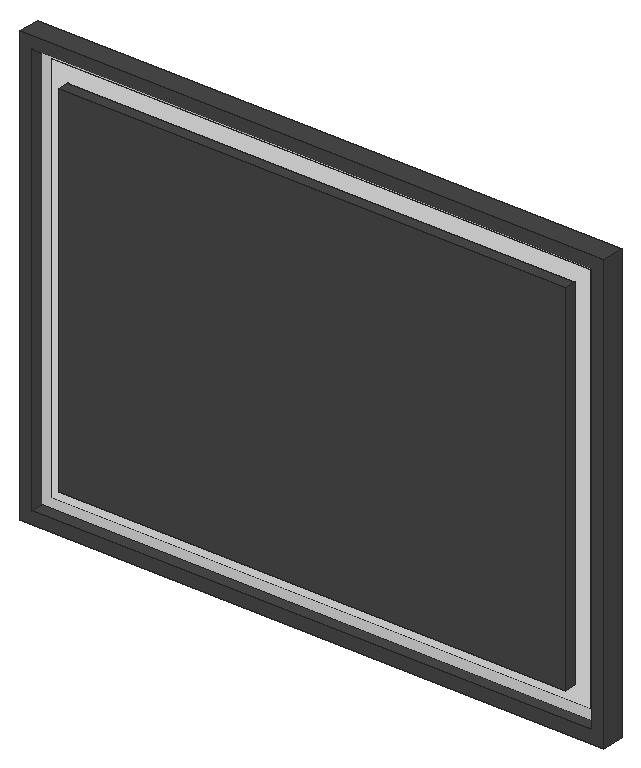
Revit family "3-080X-xx Dusk Mirror", category Luminarias, Revit 2021
Family settings
  Anfitrión = Muro
  Cota de conector redondo = Diámetro de uso
  Tipo de pieza = Normal
  Número OmniClass = 23.80.70.00
  Título OmniClass = Lighting
  Siempre vertical = Sí
  Corte con vacíos al cargar = No
  Origen de luz = No
  Compartido = No
  Punto de cálculo de habitación = No
Parameters (values of type "3-0804-15 / Black")
  Width = 1219 mm
  Height = 914 mm
  Diffuser = Ghost Mirror
  Elevación por defecto = 0 mm
  Comentarios de vataje = "1 x 87.7 W at 120 V"
  Voltage Input = "120 V or 277 V - 50/60 Hz"  # constant formula
  Voltage = 120 V
  URL = "www.oxygenlighting.com"
  References = "Ref. 3 = 120 V / Ref. 37 = 277 V"  # constant formula
  Modelo = "3-080X-xx / Dusk"  # constant formula
  Metal Finish 1 = 15 - Black
  Fabricante = "Vanita by Oxygen"  # constant formula
  Lámpara = "LED Array"  # constant formula
Types (4, lengths in mm): name | Width | Height | Comentarios de vataje
  3-0801-15 / Black | 610 | 457 | "1 x 32.8 W at 120 V"
  3-0803-15 / Black | 914 | 914 | "1 x 66.9 W at 120 V"
  3-0804-15 / Black | 1219 | 914 | "1 x 87.7 W at 120 V"
  3-0802-15 / Black | 610 | 914 | "1 x 60.9 W at 120 V"
Reference planes
  plane 1: y = 0
  plane 2 "Light Source Axis (L/R)": x = 125
  plane 3 "Light Source Axis (F/R)": y = 160
  plane 4 "Light Source Elevation": z = 700
  plane 5: y = 75
Text (mm)
  text "Placement side" at (-1787.139, 1116.779, 0), in view "Ref. Level"
  text "Placement side" at (0, 2110.396, 2986.058), in view "Left"
  text "Placement side" at (0, 628.478, 3011.967), in view "Right"
Dimensions and locks
  aligned and locked: plane 1 to host wall
  aligned and locked: plane 5 to host wall
  aligned and locked: plane 5 to nested 1
  aligned and locked: nested 1 to plane 2 "Light Source Axis (L/R)"
Nested families
  nested 1: "Family1" at (125, 75, 1005) x (-1, 0, 0) z (0, 0, 1), type "Family1"
Connectors
  electrical at (125, 75, 1005)
    settings: on nested 1, index 1, voltage 0 V, apparent load 0 VA, apparent load phase1 0 VA, apparent load phase2 0 VA, apparent load phase3 0 VA, power factor 1, load classification "Otro", number of poles 1, system type 31, power factor state 1, is connector primary yes, connector utility no, sub classification motor no, connector description ""
Definition of nested family "Family1"
  Parameters (values of type "Family1")
    Width = 1219 mm
    Metal Finish 1 = none
    Height = 914 mm
    Diffuser = none
    Default Elevation = 0 mm
  Reference planes
    plane 1 "Center (Front/Back)": y = 0
    plane 2: z = 0
    plane 3 "Center (Left/Right)": x = 0
    plane 4: x = 529.5
    plane 5: x = -529.5
    plane 6: z = 377
    plane 7: z = -377
    plane 8: x = 449.5
    plane 9: z = 297
    plane 10: z = -297
    plane 11: x = -449.5
    plane 12: z = -457
    plane 13: x = -609.5
    plane 14: z = 457
    plane 15: x = 609.5
    plane 16: z = 410.5
    plane 17: x = -563
    plane 18: x = 563
    plane 19: z = -410.5
  Forms (mm)
    Extrusion 1, solid, material <- "Metal Finish 1"
      sketch origin (0, 0, 0) x (1, 0, 0) y (0, 0, 1)
        loop
          line (529.5, 377) -> (-529.5, 377) -> (-529.5, -377) -> (529.5, -377) -> (529.5, 377)
      from 0 to 25.014
    Extrusion 2, solid, material <- "Diffuser"
      sketch origin (0, 0, 0) x (1, 0, 0) y (0, 0, 1)
        loop
          line (-584.5, -432) -> (584.5, -432) -> (584.5, 432) -> (-584.5, 432) -> (-584.5, -432)
        loop
          line (563, 410.5) -> (-563, 410.5) -> (-563, -410.5) -> (563, -410.5) -> (563, 410.5)
      from 25.014 to 29.595
    Extrusion 3, solid
      sketch origin (0, 0, 0) x (1, 0, 0) y (0, 0, 1)
        loop
          line (-563, -410.5) -> (563, -410.5) -> (563, 410.5) -> (-563, 410.5) -> (-563, -410.5)
      from 25.014 to 29.595
    Extrusion 4, solid, material <- "Metal Finish 1"
      sketch origin (0, 0, 0) x (1, 0, 0) y (0, 0, 1)
        loop
          line (-609.5, 457) -> (-609.5, -457) -> (609.5, -457) -> (609.5, 457) -> (-609.5, 457)
        loop
          line (-584.5, 432) -> (-584.5, -432) -> (584.5, -432) -> (584.5, 432) -> (-584.5, 432)
      from 0 to 54.5
    Sweep 5, void
      path in 3D
        loop
          line (-609.5, -54.5, 457) -> (-609.5, -54.5, -457) -> (609.5, -54.5, -457) -> (609.5, -54.5, 457) -> (-609.5, -54.5, 457)
      profile origin (0, -54.5, 457) x (0, -1, 0) y (0, 0, 1)
        loop
          line (0, 0) -> (-8.179, 0) -> (0, -8.179) -> (0, 0)
  Cuts and joins
    Sweep 5 cuts Extrusion 4
  Lines and regions (mm)
    sketch lines
      curve 1: line (609.5, -54.5, 457) -> (-609.5, -54.5, 457)
      curve 2: line (-609.5, -54.5, 457) -> (-609.5, -54.5, -457)
      curve 3: line (-609.5, -54.5, -457) -> (609.5, -54.5, -457)
      curve 4: line (609.5, -54.5, -457) -> (609.5, -54.5, 457)
  Dimensions and locks
    equal spacing: plane 4, plane 3 "Center (Left/Right)", plane 5
    equal spacing: plane 7, level, plane 6
    locked: plane 4 to plane 8 at 80
    locked: plane 5 to plane 11 at 80
    locked: plane 9 to plane 6 at 80
    locked: plane 7 to plane 10 at 80
    locked: plane 14 to plane 6 at 80
    locked: plane 7 to plane 12 at 80
    locked: plane 15 to plane 4 at 80
    locked: plane 13 to plane 5 at 80
    "Height": plane 14 to plane 12
    "Width": plane 13 to plane 15
    Extrusion 3 to plane 1 "Center (Front/Back)" = 29.595 mm
    Extrusion 3 to Extrusion 3 = 4.58 mm
    locked: plane 19 to plane 12 at 46.5
    locked: plane 18 to plane 15 at 46.5
    locked: plane 13 to plane 17 at 46.5
    locked: plane 14 to plane 16 at 46.5
    locked: Extrusion 3 to Extrusion 2 sketch curve at 21.5
    locked: Extrusion 2 sketch curve to Extrusion 3 at 21.5
    Extrusion 2 sketch curve to Extrusion 3 = 21.5 mm
    locked: Extrusion 2 sketch curve to Extrusion 2 sketch curve at 21.5
    aligned and locked: plane 2 to level
    aligned and locked: Extrusion 1 sketch curve to plane 6
    aligned and locked: plane 7 to Extrusion 1 sketch curve
    aligned and locked: Extrusion 1 sketch curve to plane 5
    aligned and locked: Extrusion 1 sketch curve to plane 4
    aligned and locked: plane 19 to Extrusion 3 sketch curve
    aligned and locked: plane 18 to Extrusion 3 sketch curve
    aligned and locked: plane 16 to Extrusion 3 sketch curve
    aligned and locked: plane 17 to Extrusion 3 sketch curve
    aligned and locked: Extrusion 2 sketch curve to Extrusion 3  (x3)
    aligned and locked: Extrusion 4 sketch curve to plane 14
    aligned and locked: Extrusion 4 sketch curve to plane 15
    aligned and locked: Extrusion 4 sketch curve to plane 12
    aligned and locked: Extrusion 4 sketch curve to plane 13
    aligned and locked: Extrusion 4 sketch curve to Extrusion 2  (x4)
  Automatic sketch dimensions
    Extrusion 2 sketch curve to Extrusion 2 sketch curve = 21.5 mm
    Sweep 5 sketch curve to profile plane = 0 mm  (x2)
    profile plane to Sweep 5 sketch curve = 8.179 mm
    Sweep 5 sketch curve to profile plane = 8.179 mm
